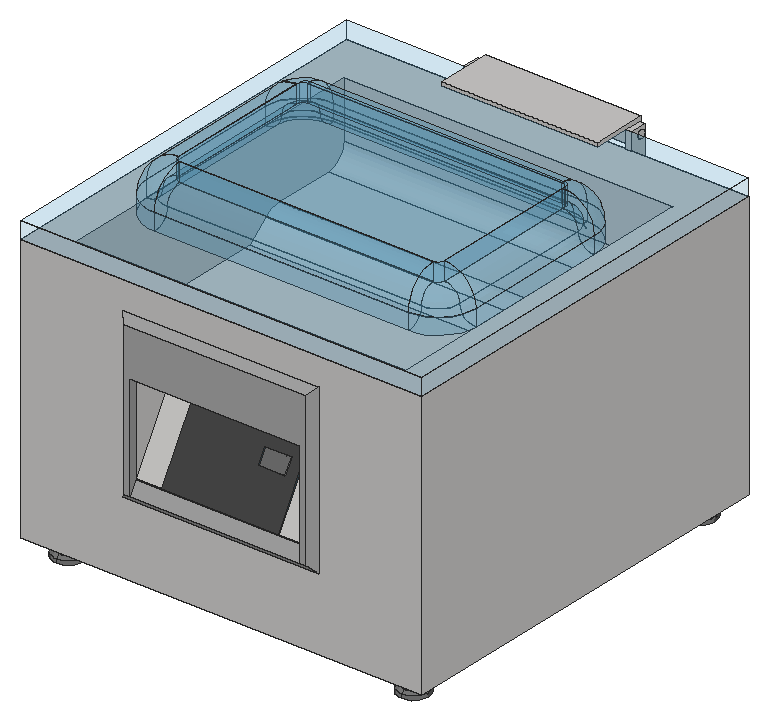
Revit family "QF_ELECTROLUXPROFESSIONAL_602215_EVP20T", category Specialty Equipment, Revit 2018
Family settings
  Round Connector Dimension = Use Diameter
  Part Type = Normal
  Work Plane-Based = No
  Always vertical = Yes
  Cut with Voids When Loaded = No
  Shared = No
  Room Calculation Point = No
Parameters (values of type "Standard")
  Weight = 62.00 kg
  Watts = 0 W
  Volts = 220 V
  URL Manufacturer = "https://www.electroluxprofessional.com/"
  URL = "https://www.electroluxprofessional.com/"
  Steam Supply Size = 0 mm
  Steam Supply Minimum Pressure = 0.0 Pa
  Steam Supply Maximum Pressure = 0.0 Pa
  Steam Pounds per Hour = 0
  Refrigeration Suction Line Size = 0.0 mm
  Refrigeration Liquid Line Size = 0.0 mm
  Refrigerant Compressor Remote = yes
  Manufacturer = "Electrolux Professional"
  Phase = 1
  Model = "EVP20T"
  Length Actual = 531.0 mm  # constant formula
  Item Number = "602215"
  Hot Water Size = 0 mm
  Height Actual = 440.0 mm  # constant formula
  HP = "1.2 HP"
  Gas Size = 0 mm
  Gas KW = 0
  Gas Input Pressure = 0 W
  Direct Waste Size = 0 mm
  Description = "VACUUM PACKER 20 M3/H, TABLE TOP, TOUCH SCREEN - UK PLUG"
  Depth Actual = 594.0 mm  # constant formula
  Cycle = 50 Hz
  Condensate Return Size = 0 mm
  Compressed Air Volume = 0.0 L/s
  Compressed Air Size = 0 mm
  Compressed Air Pressure = 0.0 Pa
  Cold Water Size = 0 mm
  Accessory = yes
Reference planes
  plane 1 "Center (Front/Back)": y = 0
  plane 2: z = 0
  plane 3 "Center (Left/Right)": x = 0
  plane 4 "LEFT": x = -265.5
  plane 5 "RIGHT": x = 265.5
  plane 6 "BACK": y = 285
  plane 7 "FRONT": y = -285
  plane 8 "Feet": z = 923
  plane 9 "TOP": z = 1340
  plane 10 "FeetY_Left": x = -228.5
  plane 11 "FeetX_Back": y = 232.5
  plane 12 "FeetX_Front": y = -241.5
  plane 13 "FeetY_Right": x = 228.5
  plane 14 "Cover": z = 1299
  plane 15 "PANEL": through (0, -188.368, 1191.413) normal (0, -0.8594, 0.5113)
  plane 16 "Pipe": y = 309
  plane 17 "PipeX": x = -194.407
  plane 18 "Open_MaxHeight": z = 1690
  plane 19: z = 900
Forms (mm)
  Revolve 1, solid, material "QF_Finishes_Rubber Black"
    sketch origin (-228.5, -374, 900) x (0, 1, 0) y (0, 0, 1)
      loop
        line (132.5, 0) -> (132.5, 23) -> (118.459, 23) -> (118.459, 8) -> (112.5, 5) -> (112.5, 0) -> (132.5, 0)
      axis (132.5, 23) -> (132.5, 0)
    angle from 0 to 360
  Revolve 2, solid, material "QF_Finishes_Rubber Black"
    sketch origin (228.5, 0, 900) x (0, 1, 0) y (0, 0, 1)
      loop
        line (-241.5, 0) -> (-241.5, 23) -> (-255.541, 23) -> (-255.541, 8) -> (-261.5, 5) -> (-261.5, 0) -> (-241.5, 0)
      axis (-241.5, 23) -> (-241.5, 0)
    angle from 0 to 360
  Revolve 3, solid, material "QF_Finishes_Rubber Black"
    sketch origin (-228.5, 0, 900) x (0, 1, 0) y (0, 0, 1)
      loop
        line (232.5, 0) -> (232.5, 23) -> (218.459, 23) -> (218.459, 8) -> (212.5, 5) -> (212.5, 0) -> (232.5, 0)
      axis (232.5, 23) -> (232.5, 0)
    angle from 0 to 360
  Revolve 4, solid, material "QF_Finishes_Rubber Black"
    sketch origin (228.5, 374, 900) x (0, 1, 0) y (0, 0, 1)
      loop
        line (-141.5, 0) -> (-141.5, 23) -> (-155.541, 23) -> (-155.541, 8) -> (-161.5, 5) -> (-161.5, 0) -> (-141.5, 0)
      axis (-141.5, 23) -> (-141.5, 0)
    angle from 0 to 360
  Extrusion 5, solid, material "QF_Finishes_Stainless Steel"
    sketch origin (0, 0, 0) x (1, 0, 0) y (0, 1, 0)
      loop
        line (-265.5, -275) -> (265.5, -275) -> (265.5, 266) -> (-265.5, 266) -> (-265.5, -275)
    from 923 to 1276.075
  Sweep 6, solid, material "Glass"
    path origin (-10, 20, 1299) x (-1, 0, 0) y (0, -1, 0)
      loop
        arc (158, -101.5) -> (193.355, -86.855) -> (208, -51.5) r 50
        line (208, -51.5) -> (208, 144.476)
        arc (208, 144.476) -> (193.355, 179.831) -> (158, 194.476) r 50
        line (158, 194.476) -> (-178, 194.476)
        arc (-178, 194.476) -> (-213.355, 179.831) -> (-228, 144.476) r 50
        line (-228, 144.476) -> (-228, -51.5)
        arc (-228, -51.5) -> (-213.355, -86.855) -> (-178, -101.5) r 50
        line (-178, -101.5) -> (158, -101.5)
    profile origin (0, 121.5, 1299) x (0, 1, 0) y (0, 0, 1)
      loop
        line (0.024, -22.925) -> (0.024, -0.972)
        arc (0.024, -0.972) -> (-12.266, 28.699) -> (-41.936, 40.989) r 41.96
        line (-41.936, 40.989) -> (-41.936, 16.929)
        arc (-41.936, 16.929) -> (-27.767, 11.06) -> (-21.898, -3.109) r 20.038
        arc (-21.898, -3.109) -> (-15.074, -17.594) -> (0.024, -22.925) r 20.778
  Extrusion 7, void
    sketch origin (0, 0, 0) x (0, 1, 0) y (0, 0, 1)
      loop
        line (200.533, 1276) -> (-242, 1276) -> (-242, 1201.071)
        arc (-242, 1201.071) -> (-235.996, 1186.575) -> (-221.5, 1180.571) r 20.5
        line (-221.5, 1180.571) -> (-141.413, 1180.571)
        arc (-141.413, 1180.571) -> (-130.662, 1178.578) -> (-121.339, 1172.865) r 30
        line (-121.339, 1172.865) -> (-91.502, 1146) -> (45.689, 1146) -> (72.68, 1167.284)
        arc (72.68, 1167.284) -> (82.412, 1173.787) -> (93.893, 1176.071) r 30
        line (93.893, 1176.071) -> (175.533, 1176.071)
        arc (175.533, 1176.071) -> (193.211, 1183.393) -> (200.533, 1201.071) r 25
        line (200.533, 1201.071) -> (200.533, 1276)
    from -218.024 to 218.024
  Blend 8, solid, material "QF_Finishes_Gray"
    base sketch origin (0, -285, 0) x (-1, 0, 0) y (0, 0, 1)
      loop
        line (-130, 1240.464) -> (-130, 1019) -> (130, 1019) -> (130, 1240.464) -> (-130, 1240.464)
    top sketch origin (0, -285, 0) x (-1, 0, 0) y (0, 0, 1)
      loop
        line (-120, 1230.464) -> (-120, 1029) -> (120, 1029) -> (120, 1230.464) -> (-120, 1230.464)
    from 10 to 0
  Extrusion 9, void
    sketch origin (0, 0, 28.827) x (0, 1, 0) y (0, 0, 1)
      loop
        line (-285, 1000.173) -> (-223.603, 1103.365) -> (-285, 1139.895) -> (-285, 1000.173)
    from -113 to 113
  Extrusion 10, solid, material "QF_Finishes_Stainless Steel"
    sketch origin (0, 0, 0) x (0, 1, 0) y (0, 0, 1)
      loop
        line (266, 1227.492) -> (288.413, 1227.492) -> (288.413, 1299) -> (266, 1299) -> (266, 1227.492)
    from -103 to -111
  Extrusion 11, solid, material "QF_Finishes_Stainless Steel"
    sketch origin (0, 7, 0) x (0, 1, 0) y (0, 0, 1)
      loop
        line (212.5, 1299) -> (266, 1299) -> (266, 1277.306) -> (285, 1277.306) -> (285, 1304) -> (212.5, 1304) -> (212.5, 1299)
      loop
        circle (273, 1290.774) r 5
    from -103 to 103
  Extrusion 12, solid, material "QF_Finishes_Stainless Steel"
    sketch origin (0, 7, 0) x (0, 1, 0) y (0, 0, 1)
      loop
        circle (273, 1290.774) r 5
    from 111 to 112.734
  Extrusion 13, solid, material "QF_Finishes_Stainless Steel"
    sketch origin (0, 7, 0) x (0, 1, 0) y (0, 0, -1)
      loop
        circle (273, -1290.774) r 5
    from 111 to 113.286
  Extrusion 14, solid, material "QF_Finishes_Stainless Steel"
    sketch origin (0, 0, 0) x (0, 1, 0) y (0, 0, 1)
      loop
        line (266, 1227.492) -> (288.413, 1227.492) -> (288.413, 1299) -> (266, 1299) -> (266, 1227.492)
    from 103 to 111
  Extrusion 15, solid, material "QF_Finishes_Stainless Steel"
    sketch origin (0, 285, 0) x (-1, 0, 0) y (0, 0, 1)
      loop
        circle (-235.5, 933) r 8
    from -19 to -17.4
  Sweep 16, solid, material "QF_Finishes_Stainless Steel"
    path origin (-194.407, 0, 45) x (0, -1, 0) y (0, 0, 1)
      loop
        line (-300.5, 1133.544) -> (-300.5, 1118.544)
        arc (-300.5, 1118.544) -> (-297.571, 1111.473) -> (-290.5, 1108.544) r 10
        line (-290.5, 1108.544) -> (-266, 1108.544)
    profile origin (-194.407, 300.5, 1171.044) x (-1, 0, 0) y (0, -1, 0)
      loop
        circle (0, 0) r 8.5
      loop
        circle (0, 0) r 7
  Extrusion 17, solid, material "Glass"
    sketch origin (-10, 20, 1299) x (-1, 0, 0) y (0, -1, 0)
      loop
        line (166.024, -56) -> (166.024, 144.476)
        arc (166.024, 144.476) -> (163.662, 150.178) -> (157.96, 152.54) r 8.064
        line (157.96, 152.54) -> (-177.96, 152.54)
        arc (-177.96, 152.54) -> (-183.662, 150.178) -> (-186.024, 144.476) r 8.064
        line (-186.024, 144.476) -> (-186.024, -56)
        arc (-186.024, -56) -> (-183.662, -61.702) -> (-177.96, -64.064) r 8.064
        line (-177.96, -64.064) -> (157.96, -64.064)
        arc (157.96, -64.064) -> (163.662, -61.702) -> (166.024, -56) r 8.064
    from 16.929 to 41
  Extrusion 18, solid, material "Glass"
    sketch origin (0, 0, 0) x (1, 0, 0) y (0, 1, 0)
      loop
        line (-265.5, -275) -> (265.5, -275) -> (265.5, 266) -> (-265.5, 266) -> (-265.5, -275)
    from 1299 to 1276.075
  Sweep 19, solid, material "QF_Door-Drawer Clearances", detail levels coarse
    path origin (-10, 108.376, 1479.286) x (0, -0.707107, 0.707107) y (-1, 0, 0)
      loop
        line (-106, 158) -> (-106, -178)
        arc (-106, -178) -> (-91.355, -213.355) -> (-56, -228) r 50
        line (-56, -228) -> (139.976, -228)
        arc (139.976, -228) -> (175.331, -213.355) -> (189.976, -178) r 50
        line (189.976, -178) -> (189.976, 158)
        arc (189.976, 158) -> (175.331, 193.355) -> (139.976, 208) r 50
        line (139.976, 208) -> (-56, 208)
        arc (-56, 208) -> (-91.355, 193.355) -> (-106, 158) r 50
    profile origin (0, 183.329, 1404.333) x (0, -0.707107, 0.707107) y (0, -0.707107, -0.707107)
      loop
        line (-0.024, 22.925) -> (-0.024, 0.972)
        arc (-0.024, 0.972) -> (12.266, -28.699) -> (41.936, -40.989) r 41.96
        line (41.936, -40.989) -> (41.936, -16.929)
        arc (41.936, -16.929) -> (27.767, -11.06) -> (21.898, 3.109) r 20.038
        arc (21.898, 3.109) -> (15.074, 17.594) -> (-0.024, 22.925) r 20.778
  Extrusion 20, solid, material "QF_Door-Drawer Clearances", detail levels coarse
    sketch origin (0, -824.298, 574.896) x (1, 0, 0) y (0, 0.707107, -0.707107)
      loop
        line (-265.5, -277.995) -> (265.5, -277.995) -> (265.5, 266) -> (-265.5, 266) -> (-265.5, -277.995)
    from 1299 to 1276.075
  Extrusion 21, solid, material "QF_Door-Drawer Clearances", detail levels coarse
    sketch origin (0, 67.938, -12.885) x (0, 0.99863, 0.052336) y (0, -0.052336, 0.99863)
      loop
        line (191.553, 1463.032) -> (49.628, 1620.656) -> (31.749, 1604.557) -> (173.674, 1446.933) -> (191.553, 1463.032)
    from -176.064 to 176.064
Cuts and joins
  Extrusion 7, Extrusion 9 cuts Extrusion 5
  Extrusion 9 cuts Blend 8
Lines and regions (mm)
  symbolic lines
    curve 1: line (265.5, -275, 1299) -> (-265.5, -275, 1299)
    curve 2: line (-120, -285, 1299) -> (-130, -275, 1299)
    curve 3: line (120, -285, 1299) -> (-120, -285, 1299)
    curve 4: line (130, -275, 1299) -> (120, -285, 1299)
    curve 5: line (265.5, 266, 1299) -> (265.5, -275, 1299)
    curve 6: line (-265.5, -275, 1299) -> (-265.5, 266, 1299)
    curve 7: line (-103, 292, 1299) -> (103, 292, 1299)
    curve 8: line (103, 288.413, 1299) -> (111, 288.413, 1299)
    curve 9: line (-103, 292, 1299) -> (-103, 219.5, 1299)
    curve 10: line (103, 292, 1299) -> (103, 219.5, 1299)
    curve 11: line (111, 288.413, 1299) -> (111, 266, 1299)
    curve 12: line (-265.5, 266, 1299) -> (-103, 266, 1299)
    curve 13: line (261, 267.6, 1299) -> (227.5, 267.6, 1299)
    curve 14: line (227.5, 267.6, 1299) -> (227.5, 266, 1299)
    curve 15: line (261, 267.6, 1299) -> (261, 266, 1299)
    curve 16: line (103, 219.5, 1299) -> (-103, 219.5, 1299)
    curve 17: line (103, 266, 1299) -> (265.5, 266, 1299)
    curve 18: circle (-194.407, 300.5, 1299) r 8.5 normal (0, 0, 1)
    curve 19: circle (-194.407, 300.5, 1299) r 7 normal (0, 0, -1)
    curve 20: line (-202.907, 300.5, 1299) -> (-202.907, 266, 1299)
    curve 21: line (-185.907, 300.5, 1299) -> (-185.907, 266, 1299)
    curve 22: line (-103, 288.413, 1299) -> (-111, 288.413, 1299)
    curve 23: line (-111, 288.413, 1299) -> (-111, 266, 1299)
    curve 24: arc (-168, -174.5, 1299) -> (-203.372, -159.848, 1299) -> (-218.024, -124.476, 1299) r 50.024
    curve 25: line (168, -174.5, 1299) -> (-168, -174.5, 1299)
    curve 26: arc (218.024, -124.476, 1299) -> (203.372, -159.848, 1299) -> (168, -174.5, 1299) r 50.024
    curve 27: arc (168, 121.524, 1299) -> (203.372, 106.872, 1299) -> (218.024, 71.5, 1299) r 50.024
    curve 28: line (-168, 121.524, 1299) -> (168, 121.524, 1299)
    curve 29: arc (-218.024, 71.5, 1299) -> (-203.372, 106.872, 1299) -> (-168, 121.524, 1299) r 50.024
    curve 30: line (-218.024, 71.5, 1299) -> (-218.024, -124.476, 1299)
    curve 31: line (218.024, -124.476, 1299) -> (218.024, 71.5, 1299)
Dimensions and locks
  plane 4 "LEFT" to plane 5 "RIGHT" = 531.0 mm
  equal spacing: plane 4 "LEFT", plane 3 "Center (Left/Right)", plane 5 "RIGHT"
  equal spacing: plane 6 "BACK", plane 1 "Center (Front/Back)", plane 7 "FRONT"
  plane 6 "BACK" to plane 7 "FRONT" = 570.0 mm
  plane 10 "FeetY_Left" to plane 13 "FeetY_Right" = 457.0 mm
  plane 11 "FeetX_Back" to plane 12 "FeetX_Front" = 474.0 mm
  plane 11 "FeetX_Back" to plane 1 "Center (Front/Back)" to plane 12 "FeetX_Front" = 232.5 mm, 241.5 mm
  plane 7 "FRONT" to plane 16 "Pipe" = 594.0 mm
  equal spacing: plane 10 "FeetY_Left", plane 3 "Center (Left/Right)", plane 13 "FeetY_Right"
  plane 19 to level = 900.0 mm
  plane 8 "Feet" to plane 19 = 23.0 mm
  plane 18 "Open_MaxHeight" to plane 19 = 790.0 mm
  plane 9 "TOP" to plane 19 = 440.0 mm
  angle Extrusion 18 to Extrusion 20 = 45.00°
  aligned and locked: level to plane 2
  aligned and locked: plane 8 "Feet" to Extrusion 5
Automatic sketch dimensions
  Revolve 1 sketch curve to plane 19 = 0.0 mm
  Revolve 1 sketch curve to plane 8 "Feet" = 0.0 mm
  Revolve 1 sketch curve to plane 12 "FeetX_Front" = 0.0 mm  (x2)
  Revolve 1 sketch curve to plane 12 "FeetX_Front" = 14.041 mm
  plane 19 to Revolve 1 sketch curve = 5.0 mm
  Revolve 1 sketch curve to Revolve 1 sketch curve = 5.959 mm
  Revolve 1 sketch curve to Revolve 1 sketch curve = 3.0 mm
  Revolve 1 sketch curve to plane 19 = 6.921 mm
  plane 18 "Open_MaxHeight" to Revolve 1 sketch curve = 101.067 mm
  Revolve 2 sketch curve to plane 19 = 0.0 mm
  Revolve 2 sketch curve to plane 8 "Feet" = 0.0 mm
  Revolve 2 sketch curve to plane 12 "FeetX_Front" = 0.0 mm  (x2)
  Revolve 2 sketch curve to plane 12 "FeetX_Front" = 14.041 mm
  plane 19 to Revolve 2 sketch curve = 5.0 mm
  Revolve 2 sketch curve to Revolve 2 sketch curve = 5.959 mm
  Revolve 2 sketch curve to Revolve 2 sketch curve = 3.0 mm
  Revolve 2 sketch curve to plane 19 = 6.921 mm
  plane 18 "Open_MaxHeight" to Revolve 2 sketch curve = 101.067 mm
  Revolve 3 sketch curve to plane 19 = 0.0 mm
  Revolve 3 sketch curve to plane 8 "Feet" = 0.0 mm
  Revolve 3 sketch curve to plane 11 "FeetX_Back" = 0.0 mm  (x2)
  Revolve 3 sketch curve to plane 11 "FeetX_Back" = 14.041 mm
  plane 19 to Revolve 3 sketch curve = 5.0 mm
  Revolve 3 sketch curve to Revolve 3 sketch curve = 5.959 mm
  Revolve 3 sketch curve to Revolve 3 sketch curve = 3.0 mm
  Revolve 3 sketch curve to plane 19 = 6.921 mm
  plane 18 "Open_MaxHeight" to Revolve 3 sketch curve = 101.067 mm
  Revolve 4 sketch curve to plane 19 = 0.0 mm
  Revolve 4 sketch curve to plane 8 "Feet" = 0.0 mm
  Revolve 4 sketch curve to plane 11 "FeetX_Back" = 0.0 mm  (x2)
  Revolve 4 sketch curve to plane 11 "FeetX_Back" = 14.041 mm
  plane 19 to Revolve 4 sketch curve = 5.0 mm
  Revolve 4 sketch curve to Revolve 4 sketch curve = 5.959 mm
  Revolve 4 sketch curve to Revolve 4 sketch curve = 3.0 mm
  Revolve 4 sketch curve to plane 19 = 6.921 mm
  plane 18 "Open_MaxHeight" to Revolve 4 sketch curve = 101.067 mm
  Extrusion 5 sketch curve to plane 4 "LEFT" = 0.0 mm
  Extrusion 5 sketch curve to plane 5 "RIGHT" = 0.0 mm
  plane 7 "FRONT" to Extrusion 5 sketch curve = 10.0 mm
  Extrusion 5 sketch curve to plane 6 "BACK" = 19.0 mm
  Sweep 6 sketch curve to plane 13 "FeetY_Right" = 10.5 mm
  Sweep 6 sketch curve to plane 13 "FeetY_Right" = 60.5 mm  (x2)
  Sweep 6 sketch curve to plane 17 "PipeX" = 26.407 mm  (x2)
  plane 10 "FeetY_Left" to Sweep 6 sketch curve = 10.5 mm
  Sweep 6 sketch curve to plane 11 "FeetX_Back" = 111.0 mm
  plane 12 "FeetX_Front" to Sweep 6 sketch curve = 117.024 mm
  plane 14 "Cover" to Sweep 6 sketch curve = 0.972 mm
  profile plane to Sweep 6 sketch curve = 41.936 mm
  profile plane to Sweep 6 sketch curve = 1.141 mm
  Sweep 6 sketch curve to profile plane = 0.024 mm
  Sweep 6 sketch curve to Sweep 6 sketch curve = 1.208 mm
  Sweep 6 sketch curve to Sweep 6 sketch curve = 2.137 mm
  Sweep 6 sketch curve to Sweep 6 sketch curve = 20.745 mm
  Blend 8 sketch curve to plane 13 "FeetY_Right" = 98.5 mm
  Blend 8 sketch curve to plane 17 "PipeX" = 64.407 mm
  plane 8 "Feet" to Blend 8 sketch curve = 96.0 mm
  plane 14 "Cover" to Blend 8 sketch curve = 58.536 mm
  Blend 8 sketch curve to plane 13 "FeetY_Right" = 108.5 mm
  Blend 8 sketch curve to plane 17 "PipeX" = 74.407 mm
  plane 8 "Feet" to Blend 8 sketch curve = 106.0 mm
  plane 14 "Cover" to Blend 8 sketch curve = 68.536 mm
  plane 14 "Cover" to Extrusion 11 sketch curve = 0.0 mm
  plane 6 "BACK" to Extrusion 11 sketch curve = 7.0 mm
  Extrusion 11 sketch curve to plane 6 "BACK" = 5.0 mm
  Extrusion 11 sketch curve to Extrusion 11 sketch curve = 7.0 mm
  Extrusion 11 sketch curve to plane 11 "FeetX_Back" = 13.0 mm
  plane 14 "Cover" to Extrusion 11 sketch curve = 8.226 mm
  Extrusion 11 sketch curve to Extrusion 11 sketch curve = 13.468 mm
  Extrusion 11 sketch curve to plane 14 "Cover" = 5.0 mm
  Extrusion 12 sketch curve to plane 6 "BACK" = 5.0 mm
  plane 14 "Cover" to Extrusion 12 sketch curve = 8.226 mm
  Extrusion 13 sketch curve to plane 6 "BACK" = 5.0 mm
  plane 14 "Cover" to Extrusion 13 sketch curve = 8.226 mm
  plane 13 "FeetY_Right" to Extrusion 15 sketch curve = 7.0 mm
  plane 8 "Feet" to Extrusion 15 sketch curve = 10.0 mm
  plane 16 "Pipe" to Sweep 16 sketch curve = 8.5 mm
  plane 6 "BACK" to Sweep 16 sketch curve = 5.5 mm
  plane 14 "Cover" to Sweep 16 sketch curve = 145.456 mm
  Sweep 16 sketch curve to plane 6 "BACK" = 19.0 mm
  Sweep 16 sketch curve to Sweep 16 sketch curve = 15.0 mm
  Sweep 16 sketch curve to Sweep 16 sketch curve = 0.0 mm  (x2)
  Sweep 16 sketch curve to plane 17 "PipeX" = 0.0 mm
  Sweep 16 sketch curve to profile plane = 0.0 mm
  Extrusion 17 sketch curve to plane 13 "FeetY_Right" = 52.476 mm
  Extrusion 17 sketch curve to Extrusion 17 sketch curve = 8.064 mm  (x3)
  Extrusion 17 sketch curve to plane 17 "PipeX" = 26.447 mm  (x2)
  Extrusion 17 sketch curve to plane 1 "Center (Front/Back)" = 84.064 mm
  plane 12 "FeetX_Front" to Extrusion 17 sketch curve = 117.024 mm
  Extrusion 18 sketch curve to plane 4 "LEFT" = 0.0 mm
  Extrusion 18 sketch curve to plane 5 "RIGHT" = 0.0 mm
  plane 7 "FRONT" to Extrusion 18 sketch curve = 10.0 mm
  Extrusion 18 sketch curve to plane 6 "BACK" = 19.0 mm
  plane 14 "Cover" to Extrusion 10 sketch curve = 0.0 mm
  Extrusion 10 sketch curve to plane 6 "BACK" = 19.0 mm
  plane 6 "BACK" to Extrusion 10 sketch curve = 3.413 mm
  plane 6 "BACK" to Extrusion 14 sketch curve = 3.413 mm
  Extrusion 14 sketch curve to Extrusion 14 sketch curve = 71.508 mm
  Extrusion 10 sketch curve to Extrusion 10 sketch curve = 71.508 mm
  plane 14 "Cover" to Extrusion 14 sketch curve = 0.0 mm
  Extrusion 14 sketch curve to plane 6 "BACK" = 19.0 mm
  curve 18 to curve 19 = 0.0 mm  (x2)
  curve 1 to plane 5 "RIGHT" = 0.0 mm
  curve 4 to plane 7 "FRONT" = 0.0 mm
  plane 6 "BACK" to curve 10 = 7.0 mm
  curve 18 to plane 17 "PipeX" = 0.0 mm
  curve 6 to plane 4 "LEFT" = 0.0 mm
  curve 15 to plane 5 "RIGHT" = 4.5 mm
  curve 4 to plane 13 "FeetY_Right" = 108.5 mm
  curve 14 to plane 13 "FeetY_Right" = 1.0 mm
  plane 6 "BACK" to curve 8 = 3.413 mm
  curve 8 to plane 13 "FeetY_Right" = 117.5 mm
  curve 8 to curve 10 = 8.0 mm
  curve 25 to plane 13 "FeetY_Right" = 60.5 mm
  curve 7 to plane 17 "PipeX" = 91.407 mm
  curve 25 to plane 17 "PipeX" = 26.407 mm
  curve 28 to plane 17 "PipeX" = 26.407 mm
  curve 22 to curve 23 = 8.0 mm
  curve 2 to plane 17 "PipeX" = 74.407 mm
  plane 10 "FeetY_Left" to curve 30 = 10.476 mm
  plane 6 "BACK" to curve 19 = 15.5 mm
  plane 6 "BACK" to curve 22 = 3.413 mm
  curve 14 to plane 6 "BACK" = 17.4 mm
  curve 13 to curve 17 = 1.6 mm
  curve 6 to plane 6 "BACK" = 19.0 mm
  curve 16 to plane 11 "FeetX_Back" = 13.0 mm
  curve 10 to curve 28 = 97.976 mm
  curve 27 to curve 27 = 50.024 mm
  plane 12 "FeetX_Front" to curve 24 = 117.024 mm
  curve 26 to curve 25 = 50.024 mm
  plane 7 "FRONT" to curve 1 = 10.0 mm
  curve 4 to curve 3 = 10.0 mm
  curve 21 to plane 17 "PipeX" = 8.5 mm
  curve 2 to plane 17 "PipeX" = 64.407 mm
  curve 18 to curve 21 = 0.0 mm
  curve 20 to curve 18 = 0.0 mm
  Extrusion 7 sketch curve to plane 12 "FeetX_Front" = 0.5 mm
  plane 12 "FeetX_Front" to Extrusion 7 sketch curve = 20.0 mm
  Extrusion 7 sketch curve to Extrusion 7 sketch curve = 80.087 mm
  Extrusion 7 sketch curve to Extrusion 7 sketch curve = 20.074 mm
  Extrusion 7 sketch curve to Extrusion 7 sketch curve = 29.837 mm
  Extrusion 7 sketch curve to plane 1 "Center (Front/Back)" = 45.689 mm
  Extrusion 7 sketch curve to Extrusion 7 sketch curve = 26.99 mm
  Extrusion 7 sketch curve to Extrusion 7 sketch curve = 21.213 mm  (x2)
  Extrusion 7 sketch curve to plane 11 "FeetX_Back" = 56.967 mm
  Extrusion 7 sketch curve to plane 11 "FeetX_Back" = 31.967 mm
  plane 14 "Cover" to Extrusion 7 sketch curve = 153.0 mm
  Extrusion 7 sketch curve to Extrusion 7 sketch curve = 0.071 mm
  Extrusion 7 sketch curve to Extrusion 7 sketch curve = 4.571 mm
  Extrusion 7 sketch curve to Extrusion 7 sketch curve = 22.294 mm
  plane 14 "Cover" to Extrusion 7 sketch curve = 23.0 mm
  Sweep 19 sketch curve to plane 17 "PipeX" = 26.407 mm  (x2)
  Sweep 19 sketch curve to plane 13 "FeetY_Right" = 10.5 mm
  Sweep 19 sketch curve to Sweep 19 sketch curve = 50.0 mm  (x2)
  Sweep 19 sketch curve to Sweep 19 sketch curve = 195.976 mm  (x2)
  profile plane to Sweep 19 sketch curve = 0.024 mm
  Sweep 19 sketch curve to profile plane = 1.141 mm
  Sweep 19 sketch curve to profile plane = 16.929 mm
  Sweep 19 sketch curve to profile plane = 41.936 mm
  Sweep 19 sketch curve to Sweep 19 sketch curve = 24.059 mm
  Sweep 19 sketch curve to Sweep 19 sketch curve = 1.208 mm
  Sweep 19 sketch curve to Sweep 19 sketch curve = 2.137 mm
  Extrusion 20 sketch curve to plane 4 "LEFT" = 0.0 mm
  Extrusion 20 sketch curve to plane 5 "RIGHT" = 0.0 mm
  Extrusion 20 sketch curve to Extrusion 20 sketch curve = 543.995 mm
  Extrusion 21 sketch curve to plane 1 "Center (Front/Back)" = 15.667 mm
  plane 15 "PANEL" to Extrusion 21 sketch curve = 29.038 mm
  Extrusion 21 sketch curve to Extrusion 21 sketch curve = 17.88 mm
  Extrusion 21 sketch curve to Extrusion 21 sketch curve = 141.925 mm
  Extrusion 21 sketch curve to Extrusion 21 sketch curve = 141.525 mm
  Extrusion 9 sketch curve to plane 7 "FRONT" = 0.0 mm
  Extrusion 9 sketch curve to plane 15 "PANEL" = 0.0 mm  (x2)
  plane 12 "FeetX_Front" to Extrusion 9 sketch curve = 17.897 mm
  radius of Extrusion 11 sketch curve = 5.0 mm
  radius of Extrusion 12 sketch curve = 5.0 mm
  radius of Extrusion 13 sketch curve = 5.0 mm
  radius of Extrusion 15 sketch curve = 8.0 mm
  radius of Sweep 16 sketch curve = 8.5 mm
  radius of Sweep 16 sketch curve = 7.0 mm
  radius of curve 19 = 7.0 mm
Nested families
  nested 1: "QF_EVP_PANEL" at (0.008, -249.162, 1089.203) x (1, 0, 0) z (0, -0.8594, 0.5113), type "QF_EVP_PANEL"
Connectors
  electrical at (235.5, 267.6, 933), driven by "Volts"
    settings: on Extrusion 15, index 1, voltage 220 V, apparent load 0 VA, apparent load phase1 0 VA, apparent load phase2 0 VA, apparent load phase3 0 VA, power factor 1, load classification "Other", number of poles 1, system type 30, power factor state 1, is connector primary yes, connector utility no, sub classification motor no, connector description "Electrical Connection"
  piping at (-194.407, 300.5, 1178.544), diameter 17
    settings: on Sweep 16, index 2, connector inside diameter 609.6 mm, connector length 0.0 mm, flow factor 0, pipe flow 0.0 L/s, pressure drop 0.0 Pa, fitting loss kfactor 0, connector angle 0.00°, fixture units 0, engagement length 0.0 mm, angle of deflection 0.00°, flow configuration 1, flow direction 1, fitting loss method 0, system type 22, joint type 0, gender type 0, connector reference index -1, connector utility 0, adjustable connector no, is connector primary yes, connector description "Inert Gas Connection"
Definition of nested family "QF_EVP_PANEL"
  Parameters
    Default Elevation = 1219.2 mm
  Reference planes
    plane 1 "Center (Front/Back)": y = 0
    plane 2: z = 0
    plane 3 "Center (Left/Right)": x = 0
    plane 4: y = 50
    plane 5: y = -50
    plane 6: x = -77
    plane 7: x = 77
  Forms (mm)
    Extrusion 1, solid
      sketch origin (0, 0, 0) x (1, 0, 0) y (0, 1, 0)
        loop
          line (-1219.2, 1219.2) -> (-1219.2, -1219.2) -> (1219.2, -1219.2) -> (1219.2, 1219.2) -> (-1219.2, 1219.2)
      from 0 to -304.8
    Extrusion 2, solid
      sketch origin (0, 0, 0) x (1, 0, 0) y (0, 1, 0)
        loop
          line (26.572, 30) -> (26.572, 10) -> (61.572, 10) -> (61.572, 30) -> (26.572, 30)
        loop
          line (77, 50) -> (-77, 50) -> (-77, -50) -> (77, -50) -> (77, 50)
      from 0 to 1.6
    Extrusion 3, solid
      sketch origin (0, 0, 0) x (1, 0, 0) y (0, 1, 0)
        loop
          line (26.572, 30) -> (26.572, 10) -> (61.572, 10) -> (61.572, 30) -> (26.572, 30)
      from 0 to 1.6
  Dimensions and locks
    plane 6 to plane 7 = 154.0 mm
    plane 4 to plane 5 = 100.0 mm
    aligned and locked: plane 2 to Extrusion 1
    aligned and locked: level to Extrusion 1
